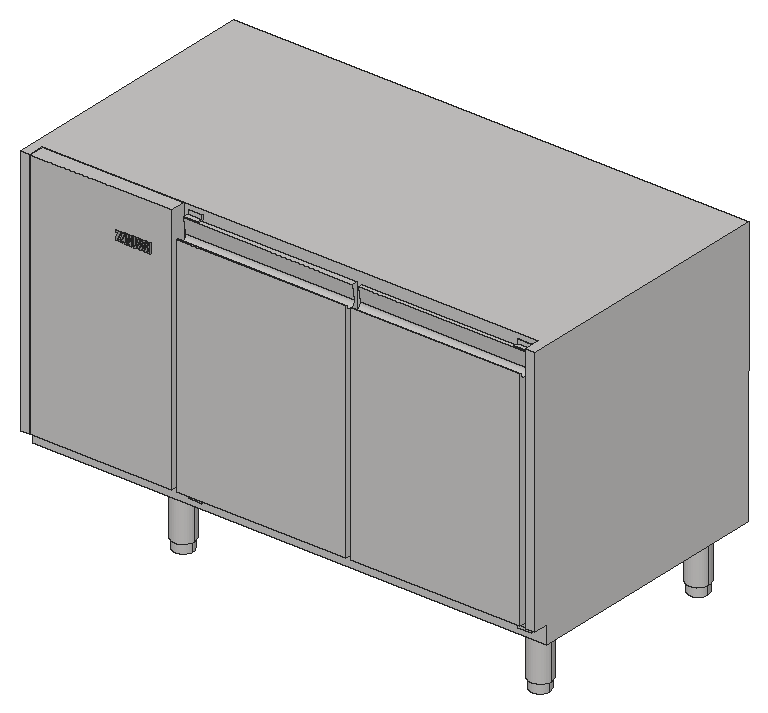
Revit family "QF_ZANUSSI_111020_ZH2H7AA", category Specialty Equipment, Revit 2018 (continued)
Definition of nested family "ZAN_Cooling Unit"
  Lines and regions (mm)
    Split face 132
      outline origin (110.032, 2, -137.098) x (0, 0, 1) y (-1, 0, 0)
        loop
          line (502.647, 158.547) -> (502.647, 116.535)
          arc (502.647, 116.535) -> (506.648, 112.533) -> (510.649, 116.535) r 4.001
          line (510.649, 116.535) -> (510.649, 158.547)
    Split face 133
      outline origin (110.032, 2, -149.101) x (0, 0, 1) y (-1, 0, 0)
        loop
          arc (510.649, 158.547) -> (506.648, 162.548) -> (502.647, 158.547) r 4.001
          line (502.647, 158.547) -> (502.647, 116.535)
          arc (502.647, 116.535) -> (506.648, 112.533) -> (510.649, 116.535) r 4.001
          line (510.649, 116.535) -> (510.649, 158.547)
    Split face 134
      outline origin (110.032, 2, -161.105) x (0, 0, 1) y (-1, 0, 0)
        loop
          arc (510.649, 158.547) -> (506.648, 162.548) -> (502.647, 158.547) r 4.001
          line (502.647, 158.547) -> (502.647, 116.535)
          arc (502.647, 116.535) -> (506.648, 112.533) -> (510.649, 116.535) r 4.001
          line (510.649, 116.535) -> (510.649, 158.547)
    Split face 135
      outline origin (110.032, 2, -173.108) x (0, 0, 1) y (-1, 0, 0)
        loop
          arc (510.649, 158.547) -> (506.648, 162.548) -> (502.647, 158.547) r 4.001
          line (502.647, 158.547) -> (502.647, 116.535)
          arc (502.647, 116.535) -> (506.648, 112.533) -> (510.649, 116.535) r 4.001
          line (510.649, 116.535) -> (510.649, 158.547)
    Split face 136
      outline origin (110.032, 2, -185.112) x (0, 0, 1) y (-1, 0, 0)
        loop
          arc (510.649, 158.547) -> (506.648, 162.548) -> (502.647, 158.547) r 4.001
          line (502.647, 158.547) -> (502.647, 116.535)
          arc (502.647, 116.535) -> (506.648, 112.533) -> (510.649, 116.535) r 4.001
          line (510.649, 116.535) -> (510.649, 158.547)
    Split face 137
      outline origin (110.032, 2, -197.115) x (0, 0, 1) y (-1, 0, 0)
        loop
          arc (510.649, 158.547) -> (506.648, 162.548) -> (502.647, 158.547) r 4.001
          line (502.647, 158.547) -> (502.647, 116.535)
          arc (502.647, 116.535) -> (506.648, 112.533) -> (510.649, 116.535) r 4.001
          line (510.649, 116.535) -> (510.649, 158.547)
    Split face 138
      outline origin (110.032, 2, -209.119) x (0, 0, 1) y (-1, 0, 0)
        loop
          arc (510.649, 158.547) -> (506.648, 162.548) -> (502.647, 158.547) r 4.001
          line (502.647, 158.547) -> (502.647, 116.535)
          arc (502.647, 116.535) -> (506.648, 112.533) -> (510.649, 116.535) r 4.001
          line (510.649, 116.535) -> (510.649, 158.547)
    Split face 139
      outline origin (110.032, 2, -221.122) x (0, 0, 1) y (-1, 0, 0)
        loop
          arc (510.649, 158.547) -> (506.648, 162.548) -> (502.647, 158.547) r 4.001
          line (502.647, 158.547) -> (502.647, 116.535)
          arc (502.647, 116.535) -> (506.648, 112.533) -> (510.649, 116.535) r 4.001
          line (510.649, 116.535) -> (510.649, 158.547)
    Split face 140
      outline origin (110.032, 2, -233.126) x (0, 0, 1) y (-1, 0, 0)
        loop
          arc (510.649, 158.547) -> (506.648, 162.548) -> (502.647, 158.547) r 4.001
          line (502.647, 158.547) -> (502.647, 116.535)
          arc (502.647, 116.535) -> (506.648, 112.533) -> (510.649, 116.535) r 4.001
          line (510.649, 116.535) -> (510.649, 158.547)
    Split face 141
      outline origin (110.032, 2, -245.129) x (0, 0, 1) y (-1, 0, 0)
        loop
          arc (510.649, 158.547) -> (506.648, 162.548) -> (502.647, 158.547) r 4.001
          line (502.647, 158.547) -> (502.647, 116.535)
          arc (502.647, 116.535) -> (506.648, 112.533) -> (510.649, 116.535) r 4.001
          line (510.649, 116.535) -> (510.649, 158.547)
    Split face 142
      outline origin (110.032, 2, -257.133) x (0, 0, 1) y (-1, 0, 0)
        loop
          arc (510.649, 158.547) -> (506.648, 162.548) -> (502.647, 158.547) r 4.001
          line (502.647, 158.547) -> (502.647, 116.535)
          arc (502.647, 116.535) -> (506.648, 112.533) -> (510.649, 116.535) r 4.001
          line (510.649, 116.535) -> (510.649, 158.547)
    Split face 143
      outline origin (110.032, 2, -269.136) x (0, 0, 1) y (-1, 0, 0)
        loop
          arc (510.649, 158.547) -> (506.648, 162.548) -> (502.647, 158.547) r 4.001
          line (502.647, 158.547) -> (502.647, 116.535)
          arc (502.647, 116.535) -> (506.648, 112.533) -> (510.649, 116.535) r 4.001
          line (510.649, 116.535) -> (510.649, 158.547)
    Split face 144
      outline origin (110.032, 2, -281.14) x (0, 0, 1) y (-1, 0, 0)
        loop
          arc (510.649, 158.547) -> (506.648, 162.548) -> (502.647, 158.547) r 4.001
          line (502.647, 158.547) -> (502.647, 116.535)
          arc (502.647, 116.535) -> (506.648, 112.533) -> (510.649, 116.535) r 4.001
          line (510.649, 116.535) -> (510.649, 158.547)
    Split face 145
      outline origin (110.032, 2, -293.144) x (0, 0, 1) y (-1, 0, 0)
        loop
          arc (510.649, 158.547) -> (506.648, 162.548) -> (502.647, 158.547) r 4.001
          line (502.647, 158.547) -> (502.647, 116.535)
          arc (502.647, 116.535) -> (506.648, 112.533) -> (510.649, 116.535) r 4.001
          line (510.649, 116.535) -> (510.649, 158.547)
    Split face 146
      outline origin (165.048, 2, -113.091) x (0, 0, 1) y (-1, 0, 0)
        loop
          arc (510.649, 158.547) -> (506.648, 162.548) -> (502.647, 158.547) r 4.001
          line (502.647, 158.547) -> (502.647, 116.535)
          arc (502.647, 116.535) -> (506.648, 112.533) -> (510.649, 116.535) r 4.001
          line (510.649, 116.535) -> (510.649, 158.547)
    Split face 147
      outline origin (165.048, 2, -125.094) x (0, 0, 1) y (-1, 0, 0)
        loop
          arc (510.649, 158.547) -> (506.648, 162.548) -> (502.647, 158.547) r 4.001
          line (502.647, 158.547) -> (502.647, 116.535)
          arc (502.647, 116.535) -> (506.648, 112.533) -> (510.649, 116.535) r 4.001
          line (510.649, 116.535) -> (510.649, 158.547)
    Split face 148
      outline origin (165.048, 2, -137.098) x (0, 0, 1) y (-1, 0, 0)
        loop
          arc (510.649, 158.547) -> (506.648, 162.548) -> (502.647, 158.547) r 4.001
          line (502.647, 158.547) -> (502.647, 116.535)
          arc (502.647, 116.535) -> (506.648, 112.533) -> (510.649, 116.535) r 4.001
          line (510.649, 116.535) -> (510.649, 158.547)
    Split face 149
      outline origin (165.048, 2, -149.101) x (0, 0, 1) y (-1, 0, 0)
        loop
          arc (510.649, 158.547) -> (506.648, 162.548) -> (502.647, 158.547) r 4.001
          line (502.647, 158.547) -> (502.647, 116.535)
          arc (502.647, 116.535) -> (506.648, 112.533) -> (510.649, 116.535) r 4.001
          line (510.649, 116.535) -> (510.649, 158.547)
    Split face 150
      outline origin (165.048, 2, -161.105) x (0, 0, 1) y (-1, 0, 0)
        loop
          arc (510.649, 158.547) -> (506.648, 162.548) -> (502.647, 158.547) r 4.001
          line (502.647, 158.547) -> (502.647, 116.535)
          arc (502.647, 116.535) -> (506.648, 112.533) -> (510.649, 116.535) r 4.001
          line (510.649, 116.535) -> (510.649, 158.547)
    Split face 151
      outline origin (165.048, 2, -173.108) x (0, 0, 1) y (-1, 0, 0)
        loop
          arc (510.649, 158.547) -> (506.648, 162.548) -> (502.647, 158.547) r 4.001
          line (502.647, 158.547) -> (502.647, 116.535)
          arc (502.647, 116.535) -> (506.648, 112.533) -> (510.649, 116.535) r 4.001
          line (510.649, 116.535) -> (510.649, 158.547)
    Split face 152
      outline origin (165.048, 2, -185.112) x (0, 0, 1) y (-1, 0, 0)
        loop
          arc (510.649, 158.547) -> (506.648, 162.548) -> (502.647, 158.547) r 4.001
          line (502.647, 158.547) -> (502.647, 116.535)
          arc (502.647, 116.535) -> (506.648, 112.533) -> (510.649, 116.535) r 4.001
          line (510.649, 116.535) -> (510.649, 158.547)
    Split face 153
      outline origin (165.048, 2, -197.115) x (0, 0, 1) y (-1, 0, 0)
        loop
          arc (510.649, 158.547) -> (506.648, 162.548) -> (502.647, 158.547) r 4.001
          line (502.647, 158.547) -> (502.647, 116.535)
          arc (502.647, 116.535) -> (506.648, 112.533) -> (510.649, 116.535) r 4.001
          line (510.649, 116.535) -> (510.649, 158.547)
    Split face 154
      outline origin (165.048, 2, -209.119) x (0, 0, 1) y (-1, 0, 0)
        loop
          arc (510.649, 158.547) -> (506.648, 162.548) -> (502.647, 158.547) r 4.001
          line (502.647, 158.547) -> (502.647, 116.535)
          arc (502.647, 116.535) -> (506.648, 112.533) -> (510.649, 116.535) r 4.001
          line (510.649, 116.535) -> (510.649, 158.547)
    Split face 155
      outline origin (165.048, 2, -221.122) x (0, 0, 1) y (-1, 0, 0)
        loop
          arc (510.649, 158.547) -> (506.648, 162.548) -> (502.647, 158.547) r 4.001
          line (502.647, 158.547) -> (502.647, 116.535)
          arc (502.647, 116.535) -> (506.648, 112.533) -> (510.649, 116.535) r 4.001
          line (510.649, 116.535) -> (510.649, 158.547)
    Split face 156
      outline origin (165.048, 2, -233.126) x (0, 0, 1) y (-1, 0, 0)
        loop
          arc (510.649, 158.547) -> (506.648, 162.548) -> (502.647, 158.547) r 4.001
          line (502.647, 158.547) -> (502.647, 116.535)
          arc (502.647, 116.535) -> (506.648, 112.533) -> (510.649, 116.535) r 4.001
          line (510.649, 116.535) -> (510.649, 158.547)
    Split face 157
      outline origin (165.048, 2, -245.129) x (0, 0, 1) y (-1, 0, 0)
        loop
          arc (510.649, 158.547) -> (506.648, 162.548) -> (502.647, 158.547) r 4.001
          line (502.647, 158.547) -> (502.647, 116.535)
          arc (502.647, 116.535) -> (506.648, 112.533) -> (510.649, 116.535) r 4.001
          line (510.649, 116.535) -> (510.649, 158.547)
    Split face 158
      outline origin (165.048, 2, -257.133) x (0, 0, 1) y (-1, 0, 0)
        loop
          arc (510.649, 158.547) -> (506.648, 162.548) -> (502.647, 158.547) r 4.001
          line (502.647, 158.547) -> (502.647, 116.535)
          arc (502.647, 116.535) -> (506.648, 112.533) -> (510.649, 116.535) r 4.001
          line (510.649, 116.535) -> (510.649, 158.547)
    Split face 159
      outline origin (165.048, 2, -269.136) x (0, 0, 1) y (-1, 0, 0)
        loop
          arc (510.649, 158.547) -> (506.648, 162.548) -> (502.647, 158.547) r 4.001
          line (502.647, 158.547) -> (502.647, 116.535)
          arc (502.647, 116.535) -> (506.648, 112.533) -> (510.649, 116.535) r 4.001
          line (510.649, 116.535) -> (510.649, 158.547)
    Split face 160
      outline origin (165.048, 2, -281.14) x (0, 0, 1) y (-1, 0, 0)
        loop
          arc (510.649, 158.547) -> (506.648, 162.548) -> (502.647, 158.547) r 4.001
          line (502.647, 158.547) -> (502.647, 116.535)
          arc (502.647, 116.535) -> (506.648, 112.533) -> (510.649, 116.535) r 4.001
          line (510.649, 116.535) -> (510.649, 158.547)
    Split face 161
      outline origin (165.048, 2, -293.144) x (0, 0, 1) y (-1, 0, 0)
        loop
          arc (510.649, 158.547) -> (506.648, 162.548) -> (502.647, 158.547) r 4.001
          line (502.647, 158.547) -> (502.647, 116.535)
          arc (502.647, 116.535) -> (506.648, 112.533) -> (510.649, 116.535) r 4.001
          line (510.649, 116.535) -> (510.649, 158.547)
    Split face 162
      outline origin (220.064, 2, -113.091) x (0, 0, 1) y (-1, 0, 0)
        loop
          arc (510.649, 158.547) -> (506.648, 162.548) -> (502.647, 158.547) r 4.001
          line (502.647, 158.547) -> (502.647, 116.535)
          arc (502.647, 116.535) -> (506.648, 112.533) -> (510.649, 116.535) r 4.001
          line (510.649, 116.535) -> (510.649, 158.547)
    Split face 163
      outline origin (220.064, 2, -125.094) x (0, 0, 1) y (-1, 0, 0)
        loop
          arc (510.649, 158.547) -> (506.648, 162.548) -> (502.647, 158.547) r 4.001
          line (502.647, 158.547) -> (502.647, 116.535)
          arc (502.647, 116.535) -> (506.648, 112.533) -> (510.649, 116.535) r 4.001
          line (510.649, 116.535) -> (510.649, 158.547)
    Split face 164
      outline origin (220.064, 2, -137.098) x (0, 0, 1) y (-1, 0, 0)
        loop
          arc (510.649, 158.547) -> (506.648, 162.548) -> (502.647, 158.547) r 4.001
          line (502.647, 158.547) -> (502.647, 116.535)
          arc (502.647, 116.535) -> (506.648, 112.533) -> (510.649, 116.535) r 4.001
          line (510.649, 116.535) -> (510.649, 158.547)
    Split face 165
      outline origin (220.064, 2, -149.101) x (0, 0, 1) y (-1, 0, 0)
        loop
          arc (510.649, 158.547) -> (506.648, 162.548) -> (502.647, 158.547) r 4.001
          line (502.647, 158.547) -> (502.647, 116.535)
          arc (502.647, 116.535) -> (506.648, 112.533) -> (510.649, 116.535) r 4.001
          line (510.649, 116.535) -> (510.649, 158.547)
    Split face 166
      outline origin (220.064, 2, -161.105) x (0, 0, 1) y (-1, 0, 0)
        loop
          arc (510.649, 158.547) -> (506.648, 162.548) -> (502.647, 158.547) r 4.001
          line (502.647, 158.547) -> (502.647, 116.535)
          arc (502.647, 116.535) -> (506.648, 112.533) -> (510.649, 116.535) r 4.001
          line (510.649, 116.535) -> (510.649, 158.547)
    Split face 167
      outline origin (220.064, 2, -173.108) x (0, 0, 1) y (-1, 0, 0)
        loop
          arc (510.649, 158.547) -> (506.648, 162.548) -> (502.647, 158.547) r 4.001
          line (502.647, 158.547) -> (502.647, 116.535)
          arc (502.647, 116.535) -> (506.648, 112.533) -> (510.649, 116.535) r 4.001
          line (510.649, 116.535) -> (510.649, 158.547)
    Split face 168
      outline origin (220.064, 2, -185.112) x (0, 0, 1) y (-1, 0, 0)
        loop
          arc (510.649, 158.547) -> (506.648, 162.548) -> (502.647, 158.547) r 4.001
          line (502.647, 158.547) -> (502.647, 116.535)
          arc (502.647, 116.535) -> (506.648, 112.533) -> (510.649, 116.535) r 4.001
          line (510.649, 116.535) -> (510.649, 158.547)
    Split face 169
      outline origin (220.064, 2, -197.115) x (0, 0, 1) y (-1, 0, 0)
        loop
          arc (510.649, 158.547) -> (506.648, 162.548) -> (502.647, 158.547) r 4.001
          line (502.647, 158.547) -> (502.647, 116.535)
          arc (502.647, 116.535) -> (506.648, 112.533) -> (510.649, 116.535) r 4.001
          line (510.649, 116.535) -> (510.649, 158.547)
    Split face 170
      outline origin (220.064, 2, -209.119) x (0, 0, 1) y (-1, 0, 0)
        loop
          arc (510.649, 158.547) -> (506.648, 162.548) -> (502.647, 158.547) r 4.001
          line (502.647, 158.547) -> (502.647, 116.535)
          arc (502.647, 116.535) -> (506.648, 112.533) -> (510.649, 116.535) r 4.001
          line (510.649, 116.535) -> (510.649, 158.547)
    Split face 171
      outline origin (220.064, 2, -221.122) x (0, 0, 1) y (-1, 0, 0)
        loop
          arc (510.649, 158.547) -> (506.648, 162.548) -> (502.647, 158.547) r 4.001
          line (502.647, 158.547) -> (502.647, 116.535)
          arc (502.647, 116.535) -> (506.648, 112.533) -> (510.649, 116.535) r 4.001
          line (510.649, 116.535) -> (510.649, 158.547)
    Split face 172
      outline origin (220.064, 2, -233.126) x (0, 0, 1) y (-1, 0, 0)
        loop
          arc (510.649, 158.547) -> (506.648, 162.548) -> (502.647, 158.547) r 4.001
          line (502.647, 158.547) -> (502.647, 116.535)
          arc (502.647, 116.535) -> (506.648, 112.533) -> (510.649, 116.535) r 4.001
          line (510.649, 116.535) -> (510.649, 158.547)
    Split face 173
      outline origin (220.064, 2, -245.129) x (0, 0, 1) y (-1, 0, 0)
        loop
          arc (510.649, 158.547) -> (506.648, 162.548) -> (502.647, 158.547) r 4.001
          line (502.647, 158.547) -> (502.647, 116.535)
          arc (502.647, 116.535) -> (506.648, 112.533) -> (510.649, 116.535) r 4.001
          line (510.649, 116.535) -> (510.649, 158.547)
    Split face 174
      outline origin (220.064, 2, -257.133) x (0, 0, 1) y (-1, 0, 0)
        loop
          arc (510.649, 158.547) -> (506.648, 162.548) -> (502.647, 158.547) r 4.001
          line (502.647, 158.547) -> (502.647, 116.535)
          arc (502.647, 116.535) -> (506.648, 112.533) -> (510.649, 116.535) r 4.001
          line (510.649, 116.535) -> (510.649, 158.547)
    Split face 175
      outline origin (220.064, 2, -269.136) x (0, 0, 1) y (-1, 0, 0)
        loop
          arc (510.649, 158.547) -> (506.648, 162.548) -> (502.647, 158.547) r 4.001
          line (502.647, 158.547) -> (502.647, 116.535)
          arc (502.647, 116.535) -> (506.648, 112.533) -> (510.649, 116.535) r 4.001
          line (510.649, 116.535) -> (510.649, 158.547)
    Split face 176
      outline origin (220.064, 2, -281.14) x (0, 0, 1) y (-1, 0, 0)
        loop
          arc (510.649, 158.547) -> (506.648, 162.548) -> (502.647, 158.547) r 4.001
          line (502.647, 158.547) -> (502.647, 116.535)
          arc (502.647, 116.535) -> (506.648, 112.533) -> (510.649, 116.535) r 4.001
          line (510.649, 116.535) -> (510.649, 158.547)
    Split face 177
      outline origin (220.064, 2, -293.144) x (0, 0, 1) y (-1, 0, 0)
        loop
          arc (510.649, 158.547) -> (506.648, 162.548) -> (502.647, 158.547) r 4.001
          line (502.647, 158.547) -> (502.647, 116.535)
          arc (502.647, 116.535) -> (506.648, 112.533) -> (510.649, 116.535) r 4.001
          line (510.649, 116.535) -> (510.649, 158.547)
    Split face 178
      outline origin (275.081, 2, -113.091) x (0, 0, 1) y (-1, 0, 0)
        loop
          arc (510.649, 158.547) -> (506.648, 162.548) -> (502.647, 158.547) r 4.001
          line (502.647, 158.547) -> (502.647, 116.535)
          arc (502.647, 116.535) -> (506.648, 112.533) -> (510.649, 116.535) r 4.001
          line (510.649, 116.535) -> (510.649, 158.547)
    Split face 179
      outline origin (275.081, 2, -125.094) x (0, 0, 1) y (-1, 0, 0)
        loop
          arc (510.649, 158.547) -> (506.648, 162.548) -> (502.647, 158.547) r 4.001
          line (502.647, 158.547) -> (502.647, 116.535)
          arc (502.647, 116.535) -> (506.648, 112.533) -> (510.649, 116.535) r 4.001
          line (510.649, 116.535) -> (510.649, 158.547)
    Split face 180
      outline origin (275.081, 2, -137.098) x (0, 0, 1) y (-1, 0, 0)
        loop
          arc (510.649, 158.547) -> (506.648, 162.548) -> (502.647, 158.547) r 4.001
          line (502.647, 158.547) -> (502.647, 116.535)
          arc (502.647, 116.535) -> (506.648, 112.533) -> (510.649, 116.535) r 4.001
          line (510.649, 116.535) -> (510.649, 158.547)
    Split face 181
      outline origin (275.081, 2, -149.101) x (0, 0, 1) y (-1, 0, 0)
        loop
          arc (510.649, 158.547) -> (506.648, 162.548) -> (502.647, 158.547) r 4.001
          line (502.647, 158.547) -> (502.647, 116.535)
          arc (502.647, 116.535) -> (506.648, 112.533) -> (510.649, 116.535) r 4.001
          line (510.649, 116.535) -> (510.649, 158.547)
    Split face 182
      outline origin (275.081, 2, -161.105) x (0, 0, 1) y (-1, 0, 0)
        loop
          arc (510.649, 158.547) -> (506.648, 162.548) -> (502.647, 158.547) r 4.001
          line (502.647, 158.547) -> (502.647, 116.535)
          arc (502.647, 116.535) -> (506.648, 112.533) -> (510.649, 116.535) r 4.001
          line (510.649, 116.535) -> (510.649, 158.547)
    Split face 183
      outline origin (275.081, 2, -173.108) x (0, 0, 1) y (-1, 0, 0)
        loop
          arc (510.649, 158.547) -> (506.648, 162.548) -> (502.647, 158.547) r 4.001
          line (502.647, 158.547) -> (502.647, 116.535)
          arc (502.647, 116.535) -> (506.648, 112.533) -> (510.649, 116.535) r 4.001
          line (510.649, 116.535) -> (510.649, 158.547)
    Split face 184
      outline origin (275.081, 2, -185.112) x (0, 0, 1) y (-1, 0, 0)
        loop
          arc (510.649, 158.547) -> (506.648, 162.548) -> (502.647, 158.547) r 4.001
          line (502.647, 158.547) -> (502.647, 116.535)
          arc (502.647, 116.535) -> (506.648, 112.533) -> (510.649, 116.535) r 4.001
          line (510.649, 116.535) -> (510.649, 158.547)
    Split face 185
      outline origin (275.081, 2, -197.115) x (0, 0, 1) y (-1, 0, 0)
        loop
          arc (510.649, 158.547) -> (506.648, 162.548) -> (502.647, 158.547) r 4.001
          line (502.647, 158.547) -> (502.647, 116.535)
          arc (502.647, 116.535) -> (506.648, 112.533) -> (510.649, 116.535) r 4.001
          line (510.649, 116.535) -> (510.649, 158.547)
    Split face 186
      outline origin (275.081, 2, -209.119) x (0, 0, 1) y (-1, 0, 0)
        loop
          arc (510.649, 158.547) -> (506.648, 162.548) -> (502.647, 158.547) r 4.001
          line (502.647, 158.547) -> (502.647, 116.535)
          arc (502.647, 116.535) -> (506.648, 112.533) -> (510.649, 116.535) r 4.001
          line (510.649, 116.535) -> (510.649, 158.547)
    Split face 187
      outline origin (275.081, 2, -221.122) x (0, 0, 1) y (-1, 0, 0)
        loop
          arc (510.649, 158.547) -> (506.648, 162.548) -> (502.647, 158.547) r 4.001
          line (502.647, 158.547) -> (502.647, 116.535)
          arc (502.647, 116.535) -> (506.648, 112.533) -> (510.649, 116.535) r 4.001
          line (510.649, 116.535) -> (510.649, 158.547)
    Split face 188
      outline origin (275.081, 2, -233.126) x (0, 0, 1) y (-1, 0, 0)
        loop
          arc (510.649, 158.547) -> (506.648, 162.548) -> (502.647, 158.547) r 4.001
          line (502.647, 158.547) -> (502.647, 116.535)
          arc (502.647, 116.535) -> (506.648, 112.533) -> (510.649, 116.535) r 4.001
          line (510.649, 116.535) -> (510.649, 158.547)
    Split face 189
      outline origin (275.081, 2, -245.129) x (0, 0, 1) y (-1, 0, 0)
        loop
          arc (510.649, 158.547) -> (506.648, 162.548) -> (502.647, 158.547) r 4.001
          line (502.647, 158.547) -> (502.647, 116.535)
          arc (502.647, 116.535) -> (506.648, 112.533) -> (510.649, 116.535) r 4.001
          line (510.649, 116.535) -> (510.649, 158.547)
    Split face 190
      outline origin (275.081, 2, -257.133) x (0, 0, 1) y (-1, 0, 0)
        loop
          arc (510.649, 158.547) -> (506.648, 162.548) -> (502.647, 158.547) r 4.001
          line (502.647, 158.547) -> (502.647, 116.535)
          arc (502.647, 116.535) -> (506.648, 112.533) -> (510.649, 116.535) r 4.001
          line (510.649, 116.535) -> (510.649, 158.547)
    Split face 191
      outline origin (275.081, 2, -269.136) x (0, 0, 1) y (-1, 0, 0)
        loop
          arc (510.649, 158.547) -> (506.648, 162.548) -> (502.647, 158.547) r 4.001
          line (502.647, 158.547) -> (502.647, 116.535)
          arc (502.647, 116.535) -> (506.648, 112.533) -> (510.649, 116.535) r 4.001
          line (510.649, 116.535) -> (510.649, 158.547)
    Split face 192
      outline origin (275.081, 2, -281.14) x (0, 0, 1) y (-1, 0, 0)
        loop
          arc (510.649, 158.547) -> (506.648, 162.548) -> (502.647, 158.547) r 4.001
          line (502.647, 158.547) -> (502.647, 116.535)
          arc (502.647, 116.535) -> (506.648, 112.533) -> (510.649, 116.535) r 4.001
          line (510.649, 116.535) -> (510.649, 158.547)
    Split face 193
      outline origin (275.081, 2, -293.144) x (0, 0, 1) y (-1, 0, 0)
        loop
          arc (510.649, 158.547) -> (506.648, 162.548) -> (502.647, 158.547) r 4.001
          line (502.647, 158.547) -> (502.647, 116.535)
          arc (502.647, 116.535) -> (506.648, 112.533) -> (510.649, 116.535) r 4.001
          line (510.649, 116.535) -> (510.649, 158.547)
    Split face 194
      outline origin (0, 2, 197) x (0, 0, 1) y (-1, 0, 0)
        loop
          spline (566.835, 20.381) -> (564.628, 19.058) -> (561.987, 18.027) -> (558.955, 17.386) -> (555.581, 17.244) -> (551.912, 17.703) -> (547.993, 18.863) -> (543.871, 20.83) -> (539.591, 23.706) -> (535.202, 27.594) -> (530.748, 32.597) -> (526.28, 38.824) -> (521.835, 46.362)
        loop
          spline (521.835, 58.392) -> (525.386, 49.242) -> (529.197, 41.481) -> (533.2, 35.023) -> (537.329, 29.786) -> (541.516, 25.684) -> (545.695, 22.634) -> (549.798, 20.552) -> (553.759, 19.355) -> (557.511, 18.958) -> (560.984, 19.275) -> (564.115, 20.227) -> (566.835, 21.726)
    Split face 195
      outline origin (0, 2, 197) x (0, 0, 1) y (-1, 0, 0)
        loop
          line (555.835, 149.5) -> (532.835, 149.5) -> (532.835, 94.5) -> (555.835, 94.5) -> (555.835, 149.5)
  Dimensions and locks
    aligned and locked: level to plane 2
  Nested families
    nested 1: "ZAN_Logo_S_Grey" at (85, 2, 741.213) x (1, 0, 0) z (0, -1, 0), visible <- "Show Logo", type "ZAN_Logo_S_Grey"
  Definition of nested family "ZAN_Logo_S_Grey"
    Parameters
      Default Elevation = 0 mm
    Reference planes
      plane 1 "Centro (Fronte/Retro)": y = 0
      plane 2: z = 0
      plane 3 "Centro (Sinistra/Destra)": x = 0
    Forms (mm)
      Extrusion 1, solid
        sketch origin (0, 0, 0) x (1, 0, 0) y (0, 1, 0)
          loop
            line (-1219.2, 1219.2) -> (-1219.2, -1219.2) -> (1219.2, -1219.2) -> (1219.2, 1219.2) -> (-1219.2, 1219.2)
        from 0 to -304.8
      Extrusion 2, solid
        sketch origin (17.793, -46.218, 0) x (-1, 0, 0) y (0, -1, 0)
          loop
            spline (-4.176, -58.079) -> (-3.496, -58.328) -> (-2.793, -58.512) -> (-2.075, -58.63) -> (-1.348, -58.682) -> (-0.619, -58.669) -> (0.106, -58.588) -> (0.818, -58.44) -> (1.512, -58.225) -> (2.18, -57.941) -> (2.817, -57.589) -> (3.414, -57.167) -> (3.966, -56.676)
            spline (3.966, -56.676) -> (4.293, -56.162) -> (4.575, -55.61) -> (4.81, -55.026) -> (5, -54.419) -> (5.146, -53.797) -> (5.247, -53.166) -> (5.304, -52.536) -> (5.318, -51.913) -> (5.288, -51.306) -> (5.217, -50.723) -> (5.103, -50.17) -> (4.949, -49.657)
            line (4.949, -49.657) -> (2.702, -46.428) -> (0.316, -44.323)
            spline (0.316, -44.323) -> (0.065, -44.115) -> (-0.195, -43.909) -> (-0.46, -43.704) -> (-0.729, -43.496) -> (-0.997, -43.282) -> (-1.263, -43.059) -> (-1.523, -42.825) -> (-1.774, -42.576) -> (-2.013, -42.309) -> (-2.238, -42.022) -> (-2.445, -41.712) -> (-2.632, -41.375)
            spline (-2.632, -41.375) -> (-2.666, -41.159) -> (-2.697, -40.934) -> (-2.722, -40.701) -> (-2.736, -40.465) -> (-2.736, -40.227) -> (-2.72, -39.989) -> (-2.682, -39.754) -> (-2.621, -39.524) -> (-2.533, -39.302) -> (-2.414, -39.091) -> (-2.261, -38.892) -> (-2.07, -38.708)
            line (-2.07, -38.708) -> (-0.245, -38.567)
            spline (-0.245, -38.567) -> (0.096, -38.8) -> (0.354, -39.074) -> (0.54, -39.381) -> (0.664, -39.716) -> (0.738, -40.073) -> (0.772, -40.445) -> (0.777, -40.825) -> (0.763, -41.208) -> (0.742, -41.588) -> (0.723, -41.957) -> (0.718, -42.309) -> (0.737, -42.638)
            line (0.737, -42.638) -> (5.65, -42.638)
            spline (5.65, -42.638) -> (5.708, -42.042) -> (5.741, -41.448) -> (5.747, -40.857) -> (5.723, -40.273) -> (5.668, -39.696) -> (5.58, -39.129) -> (5.457, -38.574) -> (5.297, -38.032) -> (5.098, -37.506) -> (4.857, -36.997) -> (4.574, -36.508) -> (4.247, -36.041)
            spline (4.247, -36.041) -> (3.844, -35.675) -> (3.409, -35.35) -> (2.946, -35.065) -> (2.458, -34.819) -> (1.949, -34.612) -> (1.421, -34.444) -> (0.88, -34.314) -> (0.326, -34.221) -> (-0.234, -34.165) -> (-0.8, -34.146) -> (-1.366, -34.163) -> (-1.93, -34.216)
            spline (-1.93, -34.216) -> (-2.526, -34.309) -> (-3.116, -34.448) -> (-3.695, -34.633) -> (-4.259, -34.861) -> (-4.801, -35.131) -> (-5.316, -35.444) -> (-5.799, -35.798) -> (-6.245, -36.191) -> (-6.648, -36.624) -> (-7.002, -37.095) -> (-7.303, -37.603) -> (-7.545, -38.146)
            spline (-7.545, -38.146) -> (-7.694, -38.815) -> (-7.792, -39.487) -> (-7.839, -40.158) -> (-7.836, -40.824) -> (-7.785, -41.482) -> (-7.685, -42.129) -> (-7.539, -42.762) -> (-7.347, -43.377) -> (-7.111, -43.97) -> (-6.83, -44.538) -> (-6.506, -45.078) -> (-6.141, -45.586)
            line (-6.141, -45.586) -> (-0.526, -50.64) -> (0.176, -51.482)
            spline (0.176, -51.482) -> (0.248, -51.66) -> (0.323, -51.843) -> (0.397, -52.03) -> (0.467, -52.22) -> (0.529, -52.412) -> (0.579, -52.605) -> (0.615, -52.798) -> (0.633, -52.989) -> (0.63, -53.179) -> (0.601, -53.366) -> (0.545, -53.55) -> (0.456, -53.728)
            spline (0.456, -53.728) -> (0.375, -53.892) -> (0.273, -54.034) -> (0.154, -54.155) -> (0.02, -54.258) -> (-0.126, -54.343) -> (-0.28, -54.412) -> (-0.441, -54.466) -> (-0.604, -54.508) -> (-0.767, -54.537) -> (-0.928, -54.556) -> (-1.082, -54.567) -> (-1.228, -54.57)
            line (-1.228, -54.57) -> (-2.632, -53.587) -> (-2.772, -50.64) -> (-7.405, -50.64)
            spline (-7.405, -50.64) -> (-7.41, -51.031) -> (-7.423, -51.432) -> (-7.44, -51.839) -> (-7.456, -52.251) -> (-7.469, -52.665) -> (-7.475, -53.079) -> (-7.468, -53.489) -> (-7.446, -53.894) -> (-7.404, -54.291) -> (-7.339, -54.679) -> (-7.247, -55.053) -> (-7.123, -55.412)
            spline (-7.123, -55.412) -> (-6.999, -55.693) -> (-6.837, -55.97) -> (-6.643, -56.244) -> (-6.422, -56.509) -> (-6.177, -56.765) -> (-5.913, -57.009) -> (-5.634, -57.238) -> (-5.346, -57.45) -> (-5.051, -57.643) -> (-4.755, -57.814) -> (-4.462, -57.96) -> (-4.176, -58.079)
          loop
            spline (-21.021, -55.552) -> (-20.633, -56.181) -> (-20.177, -56.736) -> (-19.661, -57.217) -> (-19.092, -57.627) -> (-18.478, -57.966) -> (-17.827, -58.237) -> (-17.147, -58.441) -> (-16.446, -58.578) -> (-15.73, -58.652) -> (-15.009, -58.662) -> (-14.29, -58.611) -> (-13.581, -58.5)
            spline (-13.581, -58.5) -> (-13.088, -58.407) -> (-12.595, -58.269) -> (-12.109, -58.088) -> (-11.636, -57.866) -> (-11.183, -57.605) -> (-10.756, -57.307) -> (-10.361, -56.974) -> (-10.004, -56.608) -> (-9.692, -56.211) -> (-9.431, -55.784) -> (-9.228, -55.33) -> (-9.089, -54.851)
            spline (-9.089, -54.851) -> (-8.873, -54.211) -> (-8.715, -53.559) -> (-8.615, -52.901) -> (-8.574, -52.241) -> (-8.592, -51.585) -> (-8.668, -50.938) -> (-8.802, -50.306) -> (-8.995, -49.693) -> (-9.247, -49.106) -> (-9.557, -48.55) -> (-9.925, -48.03) -> (-10.352, -47.551)
            line (-10.352, -47.551) -> (-15.546, -42.919) -> (-16.669, -41.234)
            spline (-16.669, -41.234) -> (-16.704, -41.021) -> (-16.735, -40.804) -> (-16.761, -40.583) -> (-16.778, -40.361) -> (-16.784, -40.139) -> (-16.774, -39.919) -> (-16.748, -39.701) -> (-16.7, -39.488) -> (-16.63, -39.28) -> (-16.533, -39.08) -> (-16.406, -38.889) -> (-16.248, -38.708)
            line (-16.248, -38.708) -> (-14.844, -38.427)
            spline (-14.844, -38.427) -> (-14.347, -38.545) -> (-13.969, -38.749) -> (-13.695, -39.028) -> (-13.508, -39.368) -> (-13.393, -39.757) -> (-13.335, -40.182) -> (-13.318, -40.63) -> (-13.326, -41.089) -> (-13.344, -41.546) -> (-13.356, -41.988) -> (-13.347, -42.403) -> (-13.3, -42.779)
            line (-13.3, -42.779) -> (-8.387, -42.638)
            spline (-8.387, -42.638) -> (-8.326, -42.034) -> (-8.288, -41.417) -> (-8.277, -40.794) -> (-8.299, -40.169) -> (-8.357, -39.548) -> (-8.457, -38.936) -> (-8.604, -38.339) -> (-8.803, -37.762) -> (-9.058, -37.21) -> (-9.375, -36.689) -> (-9.758, -36.204) -> (-10.212, -35.76)
            spline (-10.212, -35.76) -> (-10.793, -35.336) -> (-11.409, -34.976) -> (-12.054, -34.679) -> (-12.723, -34.445) -> (-13.409, -34.273) -> (-14.107, -34.163) -> (-14.811, -34.115) -> (-15.515, -34.127) -> (-16.213, -34.2) -> (-16.899, -34.333) -> (-17.568, -34.526) -> (-18.213, -34.777)
            spline (-18.213, -34.777) -> (-18.496, -34.897) -> (-18.783, -35.044) -> (-19.071, -35.216) -> (-19.357, -35.412) -> (-19.639, -35.629) -> (-19.915, -35.865) -> (-20.182, -36.119) -> (-20.438, -36.389) -> (-20.681, -36.672) -> (-20.907, -36.967) -> (-21.115, -37.272) -> (-21.301, -37.585)
            spline (-21.301, -37.585) -> (-21.55, -38.26) -> (-21.734, -38.948) -> (-21.854, -39.647) -> (-21.91, -40.351) -> (-21.901, -41.057) -> (-21.828, -41.761) -> (-21.69, -42.459) -> (-21.489, -43.148) -> (-21.222, -43.823) -> (-20.892, -44.48) -> (-20.497, -45.116) -> (-20.038, -45.726)
            line (-20.038, -45.726) -> (-14.142, -51.061) -> (-13.44, -52.886) -> (-14.002, -54.289) -> (-15.265, -54.57) -> (-16.669, -53.587) -> (-16.81, -50.78) -> (-21.582, -50.64)
            spline (-21.582, -50.64) -> (-21.558, -51.063) -> (-21.55, -51.491) -> (-21.554, -51.92) -> (-21.561, -52.35) -> (-21.567, -52.778) -> (-21.565, -53.201) -> (-21.547, -53.619) -> (-21.509, -54.029) -> (-21.444, -54.43) -> (-21.345, -54.818) -> (-21.206, -55.193) -> (-21.021, -55.552)
          loop
            line (-22.424, -34.216) -> (-27.337, -34.216) -> (-27.337, -58.22) -> (-22.424, -58.22) -> (-22.424, -34.216)
          loop
            line (14.213, -39.971) -> (14.213, -58.22) -> (19.126, -58.22) -> (19.126, -42.077) -> (18.845, -38.146) -> (18.424, -37.164) -> (17.442, -35.9) -> (16.459, -35.199) -> (14.494, -34.356) -> (13.511, -34.216) -> (11.265, -34.216) -> (10.142, -34.497) -> (8.458, -35.479) -> (6.493, -38.287) -> (6.352, -39.269) -> (6.352, -58.22) -> (11.265, -58.22) -> (11.265, -40.392) -> (11.827, -39.129) -> (13.371, -38.988) -> (14.213, -39.971)
          loop
            line (20.249, -58.22) -> (24.741, -58.22) -> (24.741, -42.919) -> (28.812, -58.22) -> (34.006, -58.22) -> (34.006, -34.216) -> (29.654, -34.216) -> (29.654, -50.078) -> (25.583, -34.216) -> (20.249, -34.216) -> (20.249, -58.22)
          loop
            line (50.149, -58.22) -> (62.361, -58.22) -> (62.361, -53.728) -> (55.904, -53.868) -> (62.923, -39.129) -> (62.923, -34.216) -> (50.149, -34.216) -> (50.149, -39.129) -> (57.517, -39.129) -> (50.149, -54.149) -> (50.149, -58.22)
          loop
            line (38.778, -58.22) -> (45.516, -58.22) -> (49.868, -34.216) -> (44.814, -34.216) -> (44.113, -38.848) -> (40.042, -38.848) -> (39.34, -34.216) -> (34.286, -34.216) -> (38.778, -58.22)
          loop
            line (43.551, -43.2) -> (40.744, -43.2) -> (42.147, -54.117) -> (43.551, -43.2)
        from 0 to 1.644
    Dimensions and locks
      aligned and locked: plane 2 to Extrusion 1
      aligned and locked: level to Extrusion 1
Definition of nested family "Refrigerator"
  Reference planes
    plane 1 "Center (Front/Back)": y = 0
    plane 2: z = 0
    plane 3 "Center (Left/Right)": x = 0
  Lines and regions (mm)
    detail lines, in view "Ref. Level"
      curve 1: spline (-500, 190, 0) -> (-493.185, 166.706, 0) -> (-473.205, 145, 0) -> (-441.421, 126.36, 0) -> (-400, 112.058, 0) -> (-351.764, 103.067, 0) -> (-300, 100, 0) -> (-248.236, 103.067, 0) -> (-200, 112.058, 0) -> (-158.579, 126.36, 0) -> (-126.795, 145, 0) -> (-106.815, 166.706, 0) -> (-100, 190, 0) -> (-106.815, 213.294, 0) -> (-126.795, 235, 0) -> (-158.579, 253.64, 0) -> (-200, 267.942, 0) -> (-248.236, 276.933, 0) -> (-300, 280, 0) -> (-351.764, 276.933, 0) -> (-400, 267.942, 0) -> (-441.421, 253.64, 0) -> (-473.205, 235, 0) -> (-493.185, 213.294, 0) -> (-500, 190, 0)
      curve 2: line (-300, 130, 0) -> (-300, 250, 0)
      curve 3: line (-351.962, 220, 0) -> (-248.038, 160, 0)
      curve 4: line (-351.962, 160, 0) -> (-248.038, 220, 0)
      curve 5: line (-280.884, 246.873, 0) -> (-300, 225, 0)
      curve 6: line (-300, 225, 0) -> (-319.116, 246.873, 0)
      curve 7: line (-330.311, 207.5, 0) -> (-339.696, 234.992, 0)
      curve 8: line (-358.812, 201.882, 0) -> (-330.311, 207.5, 0)
      curve 9: line (-330.311, 172.5, 0) -> (-358.812, 178.118, 0)
      curve 10: line (-339.696, 145.008, 0) -> (-330.311, 172.5, 0)
      curve 11: line (-300, 155, 0) -> (-319.116, 133.127, 0)
      curve 12: line (-280.884, 133.127, 0) -> (-300, 155, 0)
      curve 13: line (-269.689, 172.5, 0) -> (-260.304, 145.008, 0)
      curve 14: line (-241.188, 178.118, 0) -> (-269.689, 172.5, 0)
      curve 15: line (-269.689, 207.5, 0) -> (-241.188, 201.882, 0)
      curve 16: line (-260.304, 234.992, 0) -> (-269.689, 207.5, 0)
